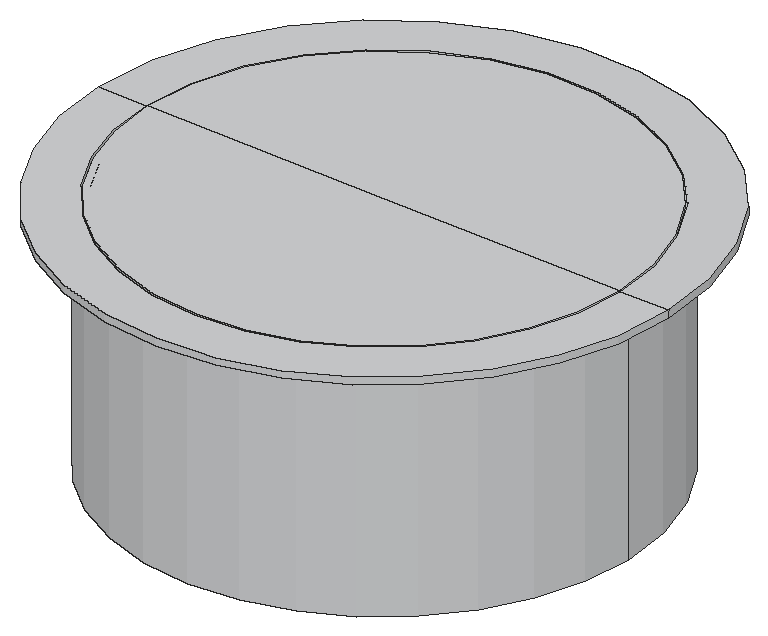
Revit family "ROUND COUNTER TOP WASTE RECEPTACLE FLAP SWING BIN_IND", category Generic Models, Revit 2017
Family settings
  Can host rebar = No
  Round Connector Dimension = Use Diameter
  Part Type = Normal
  Work Plane-Based = Yes
  Always vertical = Yes
  Cut with Voids When Loaded = Yes
  Shared = No
  Room Calculation Point = No
Parameters
  Website = "https://dolphy.in/"  # constant formula
  Model = "DWBN0002"  # constant formula
  Default Elevation = 1219.2 mm
  Contact number = "+91 9520202035"  # constant formula
  Contact email = "info@dolphy.in"  # constant formula
  Company name = "Dolphy India"  # constant formula
Reference planes
  plane 1 "Center (Front/Back)": y = 0
  plane 2: z = 0
  plane 3 "Center (Left/Right)": x = 0
Forms (mm)
  Revolve 1, solid, material "STAINLESS STEEL"
    sketch origin (-385, 0, 19.375) x (1, 0, 0) y (0, 0, 1)
      loop
        line (284.287, -119.32) -> (387.287, -119.32) -> (387.287, -116.32) -> (287.287, -116.32) -> (287.287, -22.32) -> (290.342, -22.32) -> (290.342, -20.32) -> (287.287, -20.32) -> (287.287, -19.32) -> (267.287, -19.32) -> (267.287, -22.32) -> (284.287, -22.32) -> (284.287, -119.32)
      loop
        line (288.05, -19.32) -> (288.05, -20.151) -> (387.287, -20.151) -> (387.287, -19.32) -> (288.05, -19.32)
      axis (387.287, -119.32) -> (387.287, -19.32)
    angle from 0 to 360
  Revolve 2, void
    sketch origin (2.44, 0, -0.395) x (1, 0, 0) y (0, 0, 1)
      loop
        line (-104.291, -2.945) -> (-105.61, -2.945) -> (-105.61, -102.5) -> (0, -102.5) -> (0, -100.434) -> (-104.291, -100.434) -> (-104.291, -2.945)
      axis (0, -2.945) -> (0, -102.5)
    angle from 0 to 360
Cuts and joins
  Revolve 2 cuts Revolve 1
Dimensions and locks
  aligned and locked: level to plane 2
